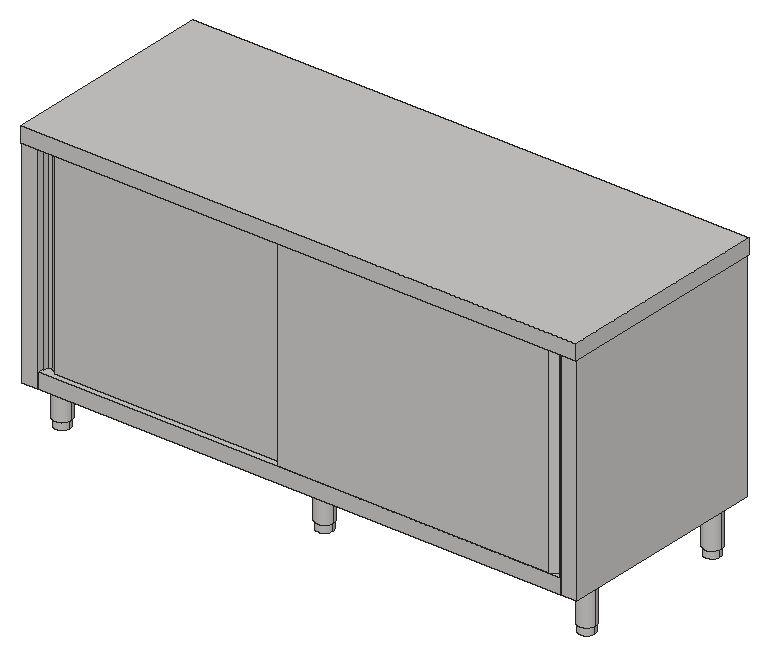
Revit family "QF_ELECTROLUXPROFESSIONAL_133247_MTND1800PN", category Attrezzature speciali, Revit 2020
Family settings
  Quota connettore circolare = Usa diametro
  Tipo di parte = Normale
  Basato su piano di lavoro = No
  Sempre verticale = Sì
  Taglio con vuoti quando caricato = No
  Condiviso = No
  Punto di calcolo locali = No
Parameters (values of type "Standard")
  Weight = 70.00 kg
  Watts = 0 W
  Volts = 0 V
  URL Manufacturer = "https://www.electroluxprofessional.com/"
  URL = "https://www.electroluxprofessional.com/"
  Steam Supply Size = 0 mm
  Steam Supply Minimum Pressure = 0.0 Pa
  Steam Supply Maximum Pressure = 0.0 Pa
  Steam Consumption per Hour = 0
  Refrigeration Suction Line Size = 0.0 mm
  Refrigeration Liquid Line Size = 0.0 mm
  Refrigerant Compressor Remote = yes
  Prospetto di default = 0.0 mm
  Produttore = "Electrolux Professional"
  Phase = 0
  Modello = "MTND1800PN"
  Length Actual = 1800.0 mm  # constant formula
  Item Number = "133247"
  Hot Water Size = 0 mm
  Height Actual = 900.0 mm  # constant formula
  HP = "0 HP"
  Gas Size = 0 mm
  Gas KW = 0
  Gas Input Pressure = 0 W
  Direct Waste Size = 0 mm
  Descrizione = "WORKTOP CUPB.PASSTH+SHELF+SLIDING D.1800"
  Depth Actual = 700.0 mm  # constant formula
  Cycle = 0 Hz
  Condensate Return Size = 0 mm
  Compressed Air Volume = 0.0 L/s
  Compressed Air Size = 0 mm
  Compressed Air Pressure = 0.0 Pa
  Cold Water Size = 0 mm
  Accessory = yes
Reference planes
  plane 1 "Center (Front/Back)": y = 0
  plane 2: z = 0
  plane 3 "Center (Left/Right)": x = -400
  plane 4 "LEFT": x = -1300
  plane 5 "RIGHT": x = 500
  plane 6 "BACK": y = 350
  plane 7 "FRONT": y = -350
  plane 8 "Base": z = 850
  plane 9 "TOP": z = 900
  plane 10: x = -1250
  plane 11: x = 450
  plane 12: y = 267
  plane 13: y = -241.9
  plane 14 "BodyLeft": x = -1299
  plane 15 "BodyFront": y = -344.5
  plane 16 "BodyRight": x = 499
  plane 17 "BodyBack": y = 344.5
  plane 18 "FEET": z = 150
  plane 19: x = -330
  plane 20: x = -470
Forms (mm)
  Extrusion 1, solid, material "QF_Finishes_Stainless Steel"
    sketch origin (-400, 0, 0) x (0, 1, 0) y (0, 0, 1)
      loop
        line (-350, 850) -> (350, 850) -> (350, 900) -> (-350, 900) -> (-350, 850)
    from 900 to -900
  Extrusion 2, solid, material "QF_Finishes_Stainless Steel"
    sketch origin (0, 0, 150) x (-1, 0, 0) y (0, -1, 0)
      loop
        line (1299, -344.5) -> (1299, 344.5) -> (1249, 344.5) -> (1249, -344.5) -> (1299, -344.5)
      loop
        line (-449, -344.5) -> (-449, 344.5) -> (-499, 344.5) -> (-499, -344.5) -> (-449, -344.5)
    from 0 to 700
  Extrusion 3, solid, material "QF_Finishes_Stainless Steel"
    sketch origin (0, 0, 150) x (-1, 0, 0) y (0, -1, 0)
      loop
        line (1249, -344.5) -> (1249, 344.5) -> (-449, 344.5) -> (-449, -344.5) -> (1249, -344.5)
    from 0 to 50
  Extrusion 4, solid, material "QF_Finishes_Stainless Steel"
    sketch origin (0, 0, 150) x (-1, 0, 0) y (0, -1, 0)
      loop
        line (-449, 344.5) -> (-449, 324.5) -> (470, 324.5) -> (470, 344.5) -> (-409, 344.5) -> (-429, 329.5) -> (-444, 329.5) -> (-444, 344.5) -> (-449, 344.5)
    from 50 to 700
  Extrusion 5, solid, material "QF_Finishes_Stainless Steel"
    sketch origin (0, 20, 150) x (1, 0, 0) y (0, 1, 0)
      loop
        line (-1249, -344.5) -> (-1244, -344.5) -> (-1244, -329.5) -> (-1229, -329.5) -> (-1209, -344.5) -> (-330, -344.5) -> (-330, -324.5) -> (-1249, -324.5) -> (-1249, -344.5)
    from 50 to 700
  Extrusion 6, solid, material "QF_Finishes_Stainless Steel"
    sketch origin (0, 0, 150) x (-1, 0, 0) y (0, -1, 0)
      loop
        line (-447.6, -344.5) -> (-442.6, -344.5) -> (-442.6, -329.5) -> (-427.6, -329.5) -> (-407.6, -344.5) -> (470, -344.5) -> (470, -324.5) -> (-447.6, -324.5) -> (-447.6, -344.5)
    from 50 to 700
  Extrusion 7, solid, material "QF_Finishes_Stainless Steel"
    sketch origin (0, -20, 150) x (1, 0, 0) y (0, 1, 0)
      loop
        line (-1247.6, 344.5) -> (-1247.6, 324.5) -> (-330, 324.5) -> (-330, 344.5) -> (-1207.6, 344.5) -> (-1227.6, 329.5) -> (-1242.6, 329.5) -> (-1242.6, 344.5) -> (-1247.6, 344.5)
    from 50 to 700
  Extrusion 8, solid, material "QF_Finishes_Stainless Steel"
    sketch origin (0, 0, 0) x (1, 0, 0) y (0, 1, 0)
      loop
        line (-1249, -304.5) -> (449, -304.5) -> (449, 304.5) -> (-1249, 304.5) -> (-1249, -304.5)
    from 500 to 540
Lines and regions (mm)
  symbolic lines
    curve 1: line (500, 350, 900) -> (-1300, 350, 900)
    curve 2: line (-1300, 350, 900) -> (-1300, -350, 900)
    curve 3: line (-1300, -350, 900) -> (500, -350, 900)
    curve 4: line (500, -350, 900) -> (500, 350, 900)
  symbolic lines, style "SpecialityEquipmentHiddenLines"
    curve 5: line (-1299, 344.5, 150) -> (499, 344.5, 150)
    curve 6: line (-1299, -344.5, 150) -> (-1299, 344.5, 150)
    curve 7: line (499, -344.5, 150) -> (-1299, -344.5, 150)
    curve 8: line (499, 344.5, 150) -> (499, -344.5, 150)
    curve 9: line (-1249, -304.5, 150) -> (-330, -304.5, 150)
    curve 10: line (-330, -304.5, 150) -> (-330, -324.5, 150)
    curve 11: line (-1249, -324.5, 150) -> (449, -324.5, 150)
    curve 12: line (449, -324.5, 150) -> (449, -344.5, 150)
    curve 13: line (-470, -324.5, 150) -> (-470, -344.5, 150)
    curve 14: line (-1249, -304.5, 150) -> (-1249, -324.5, 150)
Dimensions and locks
  plane 4 "LEFT" to plane 5 "RIGHT" = 1800.0 mm
  equal spacing: plane 4 "LEFT", plane 3 "Center (Left/Right)", plane 5 "RIGHT"
  locked: plane 8 "Base" to level at 850
  plane 9 "TOP" to level = 900.0 mm
  plane 6 "BACK" to plane 7 "FRONT" = 700.0 mm
  equal spacing: plane 6 "BACK", plane 1 "Center (Front/Back)", plane 7 "FRONT"
  locked: plane 4 "LEFT" to plane 14 "BodyLeft" at 1
  locked: plane 16 "BodyRight" to plane 5 "RIGHT" at 1
  locked: plane 15 "BodyFront" to plane 7 "FRONT" at 5.5
  locked: plane 6 "BACK" to plane 17 "BodyBack" at 5.5
  locked: plane 14 "BodyLeft" to plane 10 at 49
  locked: plane 11 to plane 16 "BodyRight" at 49
  locked: plane 13 to plane 15 "BodyFront" at 102.6
  locked: plane 17 "BodyBack" to plane 12 at 77.5
  plane 10 to plane 11 = 1700.0 mm
  plane 12 to plane 13 = 508.9 mm
  locked: plane 14 "BodyLeft" to Extrusion 2 sketch curve at 50
  locked: Extrusion 2 sketch curve to Extrusion 2 sketch curve at 50
  plane 20 to plane 3 "Center (Left/Right)" = 70.0 mm
  plane 3 "Center (Left/Right)" to plane 19 = 70.0 mm
  locked: plane 18 "FEET" to level at 150
  aligned and locked: level to plane 2
  aligned and locked: plane 10 to nested 1
  aligned and locked: nested 1 to plane 13
  aligned and locked: plane 11 to nested 2
  aligned and locked: nested 2 to plane 13
  aligned and locked: plane 11 to nested 4
  aligned and locked: nested 4 to plane 12
  aligned and locked: plane 10 to nested 3
  aligned and locked: nested 3 to plane 12
  aligned and locked: Extrusion 1 to plane 4 "LEFT"
  aligned and locked: plane 5 "RIGHT" to Extrusion 1
  aligned and locked: curve 2 to plane 4 "LEFT"
  aligned and locked: plane 17 "BodyBack" to Extrusion 2 sketch curve
  aligned and locked: Extrusion 2 sketch curve to plane 15 "BodyFront"
  aligned and locked: Extrusion 2 sketch curve to plane 14 "BodyLeft"
  aligned and locked: plane 16 "BodyRight" to Extrusion 2 sketch curve
  aligned and locked: Extrusion 2 sketch curve to plane 17 "BodyBack"
  aligned and locked: plane 15 "BodyFront" to Extrusion 2 sketch curve
  aligned and locked: Extrusion 3 sketch curve to plane 17 "BodyBack"
  aligned and locked: plane 15 "BodyFront" to Extrusion 3 sketch curve
  aligned and locked: plane 8 "Base" to Extrusion 2
  aligned and locked: plane 8 "Base" to Extrusion 4
  aligned and locked: Extrusion 4 to Extrusion 3
  aligned and locked: Extrusion 5 sketch curve to plane 19
  aligned and locked: Extrusion 4 sketch curve to plane 20
  aligned and locked: Extrusion 1 to plane 8 "Base"
  aligned and locked: plane 9 "TOP" to Extrusion 1
  aligned and locked: curve 5 to plane 17 "BodyBack"
  aligned and locked: plane 14 "BodyLeft" to curve 6
  aligned and locked: plane 15 "BodyFront" to curve 7
  aligned and locked: plane 16 "BodyRight" to curve 8
  aligned and locked: Extrusion 3 to Extrusion 2  (x2)
  aligned and locked: Extrusion 8 sketch curve to Extrusion 7
  aligned and locked: Extrusion 8 sketch curve to Extrusion 2  (x2)
  aligned and locked: Extrusion 8 sketch curve to Extrusion 5
  aligned and locked: plane 3 "Center (Left/Right)" to nested 5
  aligned and locked: plane 3 "Center (Left/Right)" to nested 6
Automatic sketch dimensions
  curve 3 to plane 7 "FRONT" = 0.0 mm
  curve 4 to plane 6 "BACK" = 0.0 mm
  Extrusion 1 sketch curve to plane 7 "FRONT" = 0.0 mm
  Extrusion 1 sketch curve to plane 6 "BACK" = 0.0 mm
  Extrusion 1 sketch curve to plane 8 "Base" = 0.0 mm
  Extrusion 1 sketch curve to plane 9 "TOP" = 0.0 mm
  Extrusion 3 sketch curve to plane 11 = 1.0 mm
  plane 10 to Extrusion 3 sketch curve = 1.0 mm
  Extrusion 4 sketch curve to plane 15 "BodyFront" = 0.0 mm  (x2)
  Extrusion 4 sketch curve to plane 11 = 41.0 mm
  Extrusion 4 sketch curve to plane 11 = 21.0 mm
  Extrusion 4 sketch curve to plane 11 = 6.0 mm
  Extrusion 4 sketch curve to plane 11 = 1.0 mm
  plane 15 "BodyFront" to Extrusion 4 sketch curve = 15.0 mm
  plane 15 "BodyFront" to Extrusion 4 sketch curve = 20.0 mm
  Extrusion 5 sketch curve to plane 15 "BodyFront" = 20.0 mm  (x2)
  Extrusion 5 sketch curve to plane 10 = 41.0 mm
  Extrusion 5 sketch curve to plane 10 = 21.0 mm
  Extrusion 5 sketch curve to plane 10 = 6.0 mm
  Extrusion 5 sketch curve to plane 10 = 1.0 mm
  Extrusion 5 sketch curve to Extrusion 5 sketch curve = 15.0 mm
  Extrusion 5 sketch curve to Extrusion 5 sketch curve = 20.0 mm
  curve 10 to plane 19 = 0.0 mm
  curve 13 to plane 20 = 0.0 mm
  curve 11 to plane 11 = 1.0 mm
  plane 10 to curve 11 = 1.0 mm
  plane 15 "BodyFront" to curve 9 = 40.0 mm
  curve 12 to curve 12 = 20.0 mm
  Extrusion 6 sketch curve to plane 17 "BodyBack" = 0.0 mm  (x2)
  Extrusion 6 sketch curve to plane 20 = 0.0 mm
  plane 11 to Extrusion 6 sketch curve = 42.4 mm
  plane 11 to Extrusion 6 sketch curve = 22.4 mm
  plane 11 to Extrusion 6 sketch curve = 7.4 mm
  plane 11 to Extrusion 6 sketch curve = 2.4 mm
  plane 17 "BodyBack" to Extrusion 6 sketch curve = 15.0 mm
  plane 17 "BodyBack" to Extrusion 6 sketch curve = 20.0 mm
  Extrusion 7 sketch curve to plane 19 = 0.0 mm
  Extrusion 7 sketch curve to plane 17 "BodyBack" = 20.0 mm  (x2)
  plane 10 to Extrusion 7 sketch curve = 42.4 mm
  plane 10 to Extrusion 7 sketch curve = 22.4 mm
  plane 10 to Extrusion 7 sketch curve = 7.4 mm
  plane 10 to Extrusion 7 sketch curve = 2.4 mm
  Extrusion 7 sketch curve to Extrusion 7 sketch curve = 15.0 mm
  Extrusion 7 sketch curve to Extrusion 7 sketch curve = 20.0 mm
  curve 4 to plane 5 "RIGHT" = 0.0 mm
Nested families
  nested 1: "FEET_D58-150" at (-1250, -241.9, 0), type "FEET_D58-150"
  nested 2: "FEET_D58-150" at (450, -241.9, 0), type "FEET_D58-150"
  nested 3: "FEET_D58-150" at (-1250, 267, 0), type "FEET_D58-150"
  nested 4: "FEET_D58-150" at (450, 267, 0), type "FEET_D58-150"
  nested 5: "FEET_D58-150" at (-400, -241.9, 0), type "FEET_D58-150"
  nested 6: "FEET_D58-150" at (-400, 267, 0), type "FEET_D58-150"
Definition of nested family "FEET_D58-150"
  Parameters
    Default Elevation = 0.0 mm
    FEET = 150.0 mm
  Reference planes
    plane 1 "Center (Front/Back)": y = 0
    plane 2: z = 0
    plane 3 "Center (Left/Right)": x = 0
    plane 4: z = 150
  Forms (mm)
    Extrusion 1, solid
      sketch origin (0, 0, 0) x (1, 0, 0) y (0, 1, 0)
        loop
          circle (0, 0) r 25
      from 0 to 25
    Extrusion 2, solid
      sketch origin (0, 0, 0) x (1, 0, 0) y (0, 1, 0)
        loop
          circle (0.061, 0) r 29
      from 25 to 150 <- "FEET"
  Lines and regions (mm)
    symbolic lines
      curve 1: line (0, -1.503, 0) -> (0, 1.508, 0)
      curve 2: line (1.561, 0, 0) -> (-1.439, 0, 0)
  Dimensions and locks
    "FEET": plane 4 to plane 2
    aligned and locked: level to plane 2
  Automatic sketch dimensions
    plane 1 "Center (Front/Back)" to Extrusion 1 sketch curve = 0.0 mm
    Extrusion 1 sketch curve to plane 3 "Center (Left/Right)" = 0.0 mm
    plane 1 "Center (Front/Back)" to curve 2 = 0.0 mm
    curve 1 to plane 3 "Center (Left/Right)" = 0.0 mm
    curve 2 to plane 3 "Center (Left/Right)" = 1.439 mm
    plane 3 "Center (Left/Right)" to curve 2 = 1.561 mm
    plane 1 "Center (Front/Back)" to curve 1 = 1.503 mm
    curve 1 to plane 1 "Center (Front/Back)" = 1.508 mm
    plane 1 "Center (Front/Back)" to Extrusion 2 sketch curve = 0.0 mm
    plane 3 "Center (Left/Right)" to Extrusion 2 sketch curve = 0.061 mm
    radius of Extrusion 1 sketch curve = 25.0 mm
    radius of Extrusion 2 sketch curve = 29.0 mm
